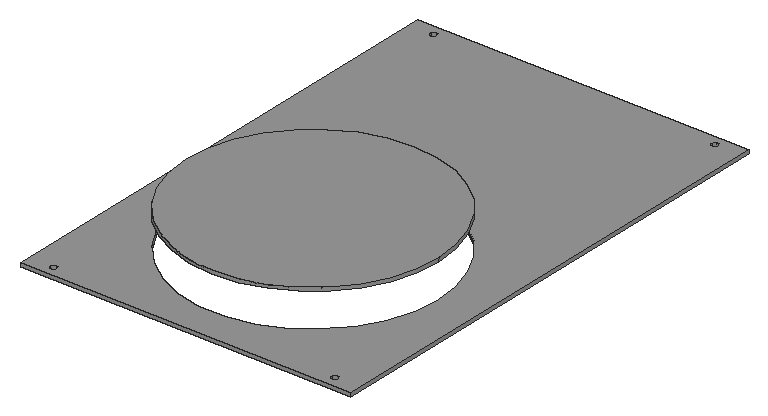
Revit family "Montagedeckel - OKA D 600 R9-AA", category Generic Models, Revit 2017
Family settings
  Can host rebar = No
  Round Connector Dimension = Use Diameter
  Part Type = Normal
  Work Plane-Based = No
  Always vertical = Yes
  Cut with Voids When Loaded = No
  Shared = No
  Room Calculation Point = No
Parameters (values of type "OKA D 600 R9")
  Width = 400 mm
  URL = "http://www.obo-bettermann.com"
  Material = Strip-galvanised
  Manufacturer Art.No. = "7425124"
  Manufacturer = "Obo-Bettermann"
  Length = 600 mm
  Height = 4 mm
  GTIN = "4012195245490"
  Article Type = "OKA D 600 R9"
Reference planes
  plane 1 "Center (Front/Back)": y = 0
  plane 2: z = 0
  plane 3 "Center (Left/Right)": x = 0
  plane 4: y = 192
  plane 5: x = -170
  plane 6: x = 170
  plane 7: y = 12.8
  plane 8: y = 587.2
Forms (mm)
  Extrusion 1, solid, material "Strip-galvanised" <- "Material"
    sketch origin (0, 0, 0) x (1, 0, 0) y (0, 1, 0)
      loop
        line (-200, 0) -> (200, 0) -> (200, 600) -> (-200, 600) -> (-200, 0)
    from 0 to 4
  Extrusion 2, void
    sketch origin (0, 0, 0) x (1, 0, 0) y (0, 1, 0)
      loop
        circle (0, 192) r 152.5
    from 0 to 4
  Extrusion 3, solid, material "Strip-galvanised" <- "Material"
    sketch origin (0, 0, 0) x (1, 0, 0) y (0, 1, 0)
      loop
        circle (0, 192) r 152.5
    from 45.385 to 49.385
  Extrusion 4, void
    sketch origin (0, 0, 0) x (1, 0, 0) y (0, 1, 0)
      loop
        circle (-170, 587.2) r 4
      loop
        circle (170, 587.2) r 4
      loop
        circle (-170, 12.8) r 4
      loop
        circle (170, 12.8) r 4
    from 0 to 4
Cuts and joins
  Extrusion 2, Extrusion 4 cuts Extrusion 1
Dimensions and locks
  "Width": Extrusion 1 sketch curve to Extrusion 1 sketch curve
  "Length": Extrusion 1 sketch curve to Extrusion 1 sketch curve
  "Height": Extrusion 1 to Extrusion 1
  locked: Extrusion 1 to plane 4 at 192
  "Height": Extrusion 3 to Extrusion 3
  locked: cut or joined group of Extrusion 1, Extrusion 2, Extrusion 4 to plane 8 at 12.8
  locked: cut or joined group of Extrusion 1, Extrusion 2, Extrusion 4 to plane 7 at 12.8
  locked: cut or joined group of Extrusion 1, Extrusion 2, Extrusion 4 to plane 5 at 30
  locked: plane 6 to cut or joined group of Extrusion 1, Extrusion 2, Extrusion 4 at 30
  diameter of Extrusion 2 sketch curve = 305 mm
  diameter of cut or joined group of Extrusion 1, Extrusion 2, Extrusion 4 = 305 mm
  aligned and locked: level to plane 2
  aligned and locked: Extrusion 1 to Extrusion 4  (x2)
  aligned and locked: Extrusion 1 to Extrusion 2  (x2)
Automatic sketch dimensions
  Extrusion 2 sketch curve to plane 3 "Center (Left/Right)" = 0 mm
  Extrusion 2 sketch curve to plane 4 = 0 mm
  Extrusion 3 sketch curve to plane 3 "Center (Left/Right)" = 0 mm
  Extrusion 3 sketch curve to plane 4 = 0 mm
  Extrusion 4 sketch curve to plane 5 = 0 mm  (x2)
  Extrusion 4 sketch curve to plane 6 = 0 mm  (x2)
  Extrusion 4 sketch curve to plane 7 = 0 mm  (x2)
  Extrusion 4 sketch curve to plane 8 = 0 mm  (x2)
  plane 1 "Center (Front/Back)" to Extrusion 1 sketch curve = 0 mm
  Extrusion 1 sketch curve to plane 5 = 30 mm
  radius of Extrusion 3 sketch curve = 152.5 mm
  radius of Extrusion 4 sketch curve = 4 mm  (x4)
